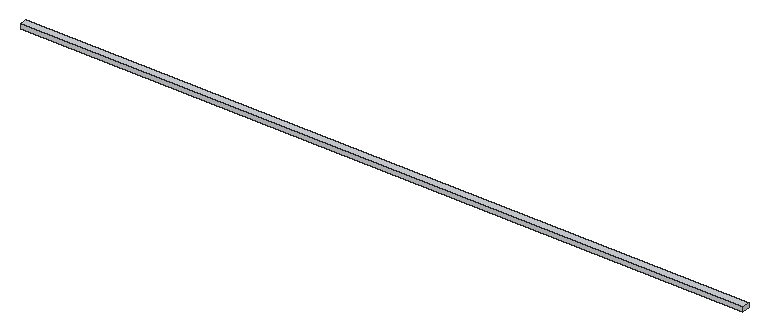
Revit family "ADHERIBLE 5050 IP33_LK5033WW_NW", category Luminarias, Revit 2019
Family settings
  Cota de conector redondo = Diámetro de uso
  Tipo de pieza = Normal
  Se basa en plano de trabajo = Sí
  Siempre vertical = No
  Corte con vacíos al cargar = No
  Origen de luz = Sí
  Compartido = No
  Punto de cálculo de habitación = No
Parameters (values of type "ADHERIBLE 5050 IP33_LK5033NW")
  Tilt Angle = 60.00°
  built-in parameter 1010506 = 0.5236 (stored number, unit not read)
  built-in parameter 1010507 = 1.5708 (stored number, unit not read)
  Zone [instance] = ""
  Watt per fixture [instance] = (Longitud / 1000 mm) * (8)  # 8
  Wattage = 8 W
  built-in parameter 1150107 = 4500 (stored number, unit not read)
  built-in parameter 1150110 = 1 (stored number, unit not read)
  built-in parameter 1150109 = 1 (stored number, unit not read)
  built-in parameter 1150112 = 1 (stored number, unit not read)
  built-in parameter 1150113 = 1 (stored number, unit not read)
  built-in parameter 1114218 = 1 (stored number, unit not read)
  built-in parameter 1150137 = (empty or 0)
  built-in parameter 1150132 = (empty or 0)
  Modelo = "LK5033NW"
  Lámpara = "5050 SMD"
  Longitud de símbolo de origen de luz = 1500 mm
  Longitud de línea de emisión = 600 mm
  Longitud [instance] = 1000 mm
  built-in parameter 1150105 = 2340.5 (stored number, unit not read)
  built-in parameter 1150102 = (empty or 0)
  built-in parameter 1150106 = 23.405 (stored number, unit not read)
  Lumens = 700 lm
  Color Filter = 16777215
  built-in parameter 1114217 = 1 (stored number, unit not read)
  built-in parameter 1150139 = (empty or 0)
  Fabricante = "BRILLANT"
  Default Elevation = 0 mm
  built-in parameter 1150104 = 8.129 (stored number, unit not read)
  Descripción = "TIRA LED ADHERIBLE 10MM DE ANCHO IP33 USO PARA INTERIORES, DE PCB BLANCO SIN RECUBRIMIENTO, MONO CROMATICA, CON UNA POTENCIA DE 8W/M DE UN TIPO DE LED 5050 SMD, IRC80, 60 LEDS POR METRO, PRESENTACION DE 5M, TEMPERATURA EN BLANCO FRIO 4500K, 700 LUMENES POR METRO, EFICIENCIA DE 87.5 LM/W, CORTE A 5CM, ALIMENTADA A 12V, REQUIERE ACCESORIOS COMO FUENTE DE PODER Y CABLE DE ALIMENTACION. PERFIL EN CASO DE SER NECESARIO."
  built-in parameter 1150115 = 1 (stored number, unit not read)
  built-in parameter 1150114 = 1 (stored number, unit not read)
  Costo USD_LK5033 [instance] = (Longitud / 1000 mm) * (10)  # 10
  Cost = 0
  Comentarios de vataje = "12V"
  built-in parameter 1150138 = (empty or 0)
  built-in parameter 1150134 = (empty or 0)
  Circuit [instance] = ""
  Dimming Lamp Color Temperature Shift = (empty or 0)
  Ancho = 10 mm
  built-in parameter 1150133 = 10 (stored number, unit not read)
Types (2, lengths in mm): name | built-in parameter 1150107 | Modelo | Descripción | Comentarios de vataje
  ADHERIBLE 5050 IP33_LK5033WW | 3000 (stored number, unit not read) | "LK5033WW" | "TIRA LED ADHERIBLE 10MM DE ANCHO IP33 USO PARA INTERIORES, DE PCB BLANCO SIN RECUBRIMIENTO, MONO CROMATICA, CON UNA POTENCIA DE 8W/M DE UN TIPO DE LED 5050 SMD, IRC80, 60 LEDS POR METRO, PRESENTACION DE 5M, TEMPERATURA EN BLANCO CALIDO 3000K, 700 LUMENES POR METRO, EFICIENCIA DE 87.5 LM/W, CORTE A 5CM, ALIMENTADA A 12V, REQUIERE ACCESORIOS COMO FUENTE DE PODER Y CABLE DE ALIMENTACION. PERFIL EN CASO DE SER NECESARIO." | "24V"
  ADHERIBLE 5050 IP33_LK5033NW | 4500 (stored number, unit not read) | "LK5033NW" | "TIRA LED ADHERIBLE 10MM DE ANCHO IP33 USO PARA INTERIORES, DE PCB BLANCO SIN RECUBRIMIENTO, MONO CROMATICA, CON UNA POTENCIA DE 8W/M DE UN TIPO DE LED 5050 SMD, IRC80, 60 LEDS POR METRO, PRESENTACION DE 5M, TEMPERATURA EN BLANCO FRIO 4500K, 700 LUMENES POR METRO, EFICIENCIA DE 87.5 LM/W, CORTE A 5CM, ALIMENTADA A 12V, REQUIERE ACCESORIOS COMO FUENTE DE PODER Y CABLE DE ALIMENTACION. PERFIL EN CASO DE SER NECESARIO." | "12V"
Reference planes
  plane 1 "Centro (Frontal/Posterior)": y = 0
  plane 2: z = 0
  plane 3 "Centro (Izquierda/Derecha)": x = 0
  plane 4: x = 0
  plane 5: z = 12
  plane 6: x = -1000
  plane 7: y = 5
  plane 8: y = -5
Forms (mm)
  Extrusion 1, solid
    sketch origin (0, 0, 0) x (1, 0, 0) y (0, 1, 0)
      loop
        line (-1000, 5) -> (-1000, -5) -> (0, -5) -> (0, 5) -> (-1000, 5)
    from 0 to 6.038
Dimensions and locks
  "Longitud": plane 6 to plane 4
  equal spacing: plane 7, plane 1 "Centro (Frontal/Posterior)", plane 8
  plane 1 "Centro (Frontal/Posterior)" to plane 7 = 5 mm
  "Ancho": plane 7 to plane 8
  "Longitud": plane 6 to plane 3 "Centro (Izquierda/Derecha)"
  aligned and locked: level to plane 2
  aligned and locked: Extrusion 1 to plane 4
  aligned and locked: plane 6 to Extrusion 1
  aligned and locked: plane 3 "Centro (Izquierda/Derecha)" to Extrusion 1
  aligned and locked: Extrusion 1 to plane 7
  aligned and locked: Extrusion 1 to plane 8
Automatic sketch dimensions
  Extrusion 1 sketch curve to plane 6 = 0 mm
  Extrusion 1 sketch curve to plane 3 "Centro (Izquierda/Derecha)" = 0 mm
  plane 1 "Centro (Frontal/Posterior)" to Extrusion 1 sketch curve = 5 mm
  Extrusion 1 sketch curve to plane 1 "Centro (Frontal/Posterior)" = 5 mm
Connectors
  electrical at (0, 0, 3.019)
    settings: on Extrusion 1, index 1, voltage 12 V, apparent load 0 VA, apparent load phase1 0 VA, apparent load phase2 0 VA, apparent load phase3 0 VA, power factor 1, load classification "Otro", number of poles 1, system type 31, power factor state 1, is connector primary yes, connector utility no, sub classification motor no, connector description ""
